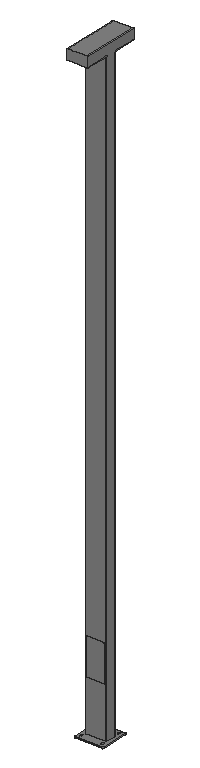
Revit family "Супремус В", category Осветительные приборы, Revit 2019 (continued)
Types (7, lengths in mm): name | Файл фотометрической сетки | built-in parameter 1150105 | Lumens | built-in parameter 1150106 | built-in parameter 1150142 | Wattage | L_общая рассеиватели | ADSK_Фактическая мощность | ADSK_Размер_Высота | ADSK_Номинальная мощность | ADSK_Наименование | ADSK_Масса_Текст | ADSK_Масса | ADSK_Артикул | 2
    0 0.0 0.0 0.0 0.0 0.0 0.0 0.0 0.0 0.0 0.0 0.0 0.0 0.0\r\n 0.0 0.0 0.0 0.0 0.0 0.0 0.0 0.0 0.0 0.0 0.0 0.0 0.0 0.0 0.0 0.0 0.0 0.0 0.0 0.0 0.0 0.0 0.0 0.0 0.0 0.0 0.0 0.0 0.0 0.0 0.0 0.0\r\n 0.0 0.0 0.0 0.0 0.0\r\n275.6 273.7 271.8 269.8 267.9 265.9 264.0 262.0 260.0 257.9 255.6 253.3 251.0 248.8 246.1 243.5 240.4 237.2 233.8 230.1 226.8\r\n 223.3 220.1 217.1 214.2 211.4 209.0 206.5 203.6 200.6 197.6 194.5 191.5 188.3 185.1 181.9 178.6 175.4 171.7 167.9 164.1 160.3\r\n 157.0 153.7 150.5 147.5 144.5 141.6 138.7 135.8 133.1 130.7 128.9 127.4 126.3 124.5 122.6 120.8 119.4 117.7 115.8 113.8 111.8\r\n 109.5 107.1 104.6 102.1 99.7 97.4 95.1 92.7 90.3 87.8 85.5 83.3 81.3 79.2 77.1 75.0 73.0 71.0 69.0 67.0 65.2 63.2 61.2 59.1 57.1\r\n 55.1 53.0 51.0 49.2 47.5 46.0 44.6 43.3 42.0 40.8 39.9 39.1 38.3 37.6 37.1 36.7 36.5 36.3 36.0 35.7 35.2 34.6 34.1 33.7 33.4 33.4\r\n 33.6 34.1 33.9 32.6 31.7 30.9 30.3 29.9 29.4 28.7 28.0 27.5 27.1 26.8 26.9 27.3 28.1 28.9 30.1 32.0 34.5 37.0 39.1 40.8 41.2 42.0\r\n 42.7 42.8 42.6 41.8 41.0 40.2 39.3 38.3 37.3 36.3 35.4 35.4 35.9 35.3 34.7 33.9 33.8 33.5 33.0 32.0 31.2 29.9 28.3 26.9 25.6 24.7\r\n 23.8 23.0 22.0 21.1 20.2 19.2 18.1 16.7 14.9 13.3 12.3 11.2 10.0 8.9 8.1 7.5 6.9 6.5 6.6 6.1 5.8 5.8 5.3 5.3 4.3 3.9 3.8 3.6 3.7\r\n 3.7 3.4 3.2 2.3 2.1 1.8 0.0 0.0 0.0 0.0 0.0 0.0 0.0 0.0 0.0 0.0 0.0 0.0 0.0 0.0 0.0 0.0 0.0 0.0 0.0 0.0 0.0 0.0 0.0 0.0 0.0 0.0\r\n 0.0 0.0 0.0 0.0 0.0 0.0 0.0 0.0 0.0 0.0 0.0 0.0 0.0 0.0 0.0 0.0 0.0 0.0 0.0 0.0 0.0 0.0 0.0 0.0 0.0 0.0 0.0 0.0 0.0 0.0 0.0 0.0\r\n 0.0 0.0 0.0 0.0 0.0 0.0 0.0 0.0 0.0 0.0 0.0 0.0 0.0 0.0 0.0 0.0 0.0 0.0 0.0 0.0 0.0 0.0 0.0 0.0 0.0 0.0 0.0 0.0 0.0 0.0 0.0 0.0\r\n 0.0 0.0 0.0 0.0 0.0 0.0 0.0 0.0 0.0 0.0 0.0 0.0 0.0 0.0 0.0 0.0 0.0 0.0 0.0 0.0 0.0 0.0 0.0 0.0 0.0 0.0 0.0 0.0 0.0 0.0 0.0 0.0\r\n 0.0 0.0 0.0 0.0 0.0 0.0 0.0 0.0 0.0 0.0 0.0 0.0 0.0 0.0 0.0 0.0 0.0 0.0 0.0 0.0 0.0 0.0 0.0 0.0 0.0 0.0 0.0 0.0 0.0 0.0 0.0 0.0\r\n 0.0 0.0 0.0 0.0 0.0 0.0\r\n275.6 274.0 272.1 270.3 268.4 266.6 264.6 262.9 261.0 259.1 257.1 254.9 252.7 250.4 248.0 245.7 243.1 240.2 237.2 234.1 230.9\r\n 227.5 224.1 221.0 218.1 215.2 212.5 210.1 207.6 205.1 202.5 199.5 196.8 194.1 191.3 188.5 185.6 182.6 179.7 176.8 173.7 170.4\r\n 167.1 163.7 160.4 157.2 154.4 151.6 149.0 146.4 143.9 141.5 139.1 136.7 134.5 132.4 130.5 129.1 127.6 126.3 125.0 123.7 122.2\r\n 120.7 119.1 117.3 115.4 113.4 111.3 109.2 107.0 104.7 102.5 100.4 98.3 96.1 93.9 91.6 89.3 87.0 84.8 82.6 80.5 78.5 76.6 74.8\r\n 73.0 71.3 69.4 67.4 65.5 63.7 61.8 60.1 58.4 56.6 54.7 53.1 51.6 50.4 49.3 48.3 47.3 46.3 45.5 45.1 44.6 44.0 43.7 43.2 42.7 42.4\r\n 41.9 41.5 41.0 40.5 40.5 40.8 41.1 40.8 40.2 39.6 38.9 38.4 38.0 37.7 37.4 37.1 36.7 36.3 36.0 35.9 36.1 36.5 37.0 37.5 38.7 40.3\r\n 41.7 42.9 43.7 45.3 47.0 48.8 49.4 49.4 49.3 48.6 47.4 46.0 44.8 43.9 42.8 41.3 40.0 38.5 37.7 37.3 36.5 35.8 34.9 33.8 32.3 30.4\r\n 28.6 26.8 25.2 23.6 22.1 20.8 19.6 18.4 17.2 16.0 14.3 12.4 11.0 9.8 8.5 7.3 6.5 6.0 5.5 5.1 4.9 4.9 4.8 4.7 4.4 4.0 3.5 3.3 3.2\r\n 3.2 3.0 2.9 2.7 2.1 2.0 1.7 1.5 0.0 0.0 0.0 0.0 0.0 0.0 0.0 0.0 0.0 0.0 0.0 0.0 0.0 0.0 0.0 0.0 0.0 0.0 0.0 0.0 0.0 0.0 0.0 0.0\r\n 0.0 0.0 0.0 0.0 0.0 0.0 0.0 0.0 0.0 0.0 0.0 0.0 0.0 0.0 0.0 0.0 0.0 0.0 0.0 0.0 0.0 0.0 0.0 0.0 0.0 0.0 0.0 0.0 0.0 0.0 0.0 0.0\r\n 0.0 0.0 0.0 0.0 0.0 0.0 0.0 0.0 0.0 0.0 0.0 0.0 0.0 0.0 0.0 0.0 0.0 0.0 0.0 0.0 0.0 0.0 0.0 0.0 0.0 0.0 0.0 0.0 0.0 0.0 0.0 0.0\r\n 0.0 0.0 0.0 0.0 0.0 0.0 0.0 0.0 0.0 0.0 0.0 0.0 0.0 0.0 0.0 0.0 0.0 0.0 0.0 0.0 0.0 0.0 0.0 0.0 0.0 0.0 0.0 0.0 0.0 0.0 0.0 0.0\r\n 0.0 0.0 0.0 0.0 0.0 0.0 0.0 0.0 0.0 0.0 0.0 0.0 0.0 0.0 0.0 0.0 0.0 0.0 0.0 0.0 0.0 0.0 0.0 0.0 0.0 0.0 0.0 0.0 0.0 0.0 0.0 0.0\r\n 0.0 0.0 0.0 0.0 0.0 0.0 0.0 0.0\r\n275.6 274.1 272.5 270.6 269.1 267.3 265.5 264.1 262.1 260.4 258.7 256.7 254.6 252.5 250.2 248.0 245.9 243.5 241.0 238.4 235.6\r\n 232.7 229.7 226.6 223.5 220.5 217.8 215.0 212.3 209.8 207.4 205.1 202.8 200.4 197.9 195.4 193.0 190.5 188.1 185.7 183.1 180.5\r\n 177.9 175.1 172.5 169.8 167.1 164.3 161.6 158.9 156.3 153.9 151.7 149.6 147.9 146.2 144.6 142.7 141.1 139.4 137.8 136.4 134.8\r\n 133.4 132.3 131.1 129.6 128.1 126.7 125.0 123.3 121.8 120.0 118.2 116.4 114.5 112.6 110.8 109.1 107.4 105.8 104.2 102.6 101.0\r\n 99.4 97.8 96.1 94.5 92.6 90.8 89.1 87.3 85.7 84.1 82.3 80.6 79.0 77.5 76.1 74.8 73.5 72.4 71.5 70.4 69.1 68.2 67.1 66.2 65.2 64.3\r\n 63.5 62.8 62.0 61.3 60.8 60.4 60.2 60.0 59.7 59.5 59.3 58.8 58.6 58.4 57.8 57.2 56.7 56.2 55.7 55.2 54.5 53.9 53.3 53.0 52.7 52.5\r\n 52.5 52.4 52.3 52.4 52.9 53.4 53.9 54.8 56.1 57.5 58.5 59.5 60.3 61.2 61.2 61.1 60.8 60.0 58.4 55.4 52.5 50.2 48.1 45.9 43.5 40.9\r\n 38.5 36.2 33.8 31.6 29.6 27.6 25.6 23.7 21.8 19.9 18.4 17.0 15.5 14.0 11.9 9.9 8.8 7.7 6.9 6.1 5.5 5.1 4.7 4.5 4.7 4.7 4.3 3.7\r\n 3.3 3.0 3.2 3.0 2.7 2.4 2.0 1.9 1.6 1.4 1.3 0.0 0.0 0.0 0.0 0.0 0.0 0.0 0.0 0.0 0.0 0.0 0.0 0.0 0.0 0.0 0.0 0.0 0.0 0.0 0.0 0.0\r\n 0.0 0.0 0.0 0.0 0.0 0.0 0.0 0.0 0.0 0.0 0.0 0.0 0.0 0.0 0.0 0.0 0.0 0.0 0.0 0.0 0.0 0.0 0.0 0.0 0.0 0.0 0.0 0.0 0.0 0.0 0.0 0.0\r\n 0.0 0.0 0.0 0.0 0.0 0.0 0.0 0.0 0.0 0.0 0.0 0.0 0.0 0.0 0.0 0.0 0.0 0.0 0.0 0.0 0.0 0.0 0.0 0.0 0.0 0.0 0.0 0.0 0.0 0.0 0.0 0.0\r\n 0.0 0.0 0.0 0.0 0.0 0.0 0.0 0.0 0.0 0.0 0.0 0.0 0.0 0.0 0.0 0.0 0.0 0.0 0.0 0.0 0.0 0.0 0.0 0.0 0.0 0.0 0.0 0.0 0.0 0.0 0.0 0.0\r\n 0.0 0.0 0.0 0.0 0.0 0.0 0.0 0.0 0.0 0.0 0.0 0.0 0.0 0.0 0.0 0.0 0.0 0.0 0.0 0.0 0.0 0.0 0.0 0.0 0.0 0.0 0.0 0.0 0.0 0.0 0.0 0.0\r\n 0.0 0.0 0.0 0.0 0.0 0.0 0.0 0.0 0.0 0.0 0.0\r\n275.6 274.2 272.7 271.1 269.7 268.1 266.5 264.9 263.4 261.7 260.1 258.5 256.5 254.6 252.6 250.5 248.5 246.5 244.4 242.2 239.9\r\n 237.4 234.9 232.2 229.4 226.6 223.8 221.1 218.4 215.8 213.2 210.8 208.5 206.2 204.1 201.9 199.9 197.7 195.3 193.2 191.2 188.9\r\n 187.1 185.2 183.2 181.2 179.1 177.0 174.9 173.0 171.0 169.2 167.5 165.7 164.0 162.3 160.8 159.3 157.9 156.6 155.2 154.2 153.1\r\n 151.8 150.5 149.3 148.0 146.6 145.1 143.4 141.6 139.9 138.2 136.8 135.5 134.4 133.3 132.3 131.3 130.1 129.0 127.8 126.6 125.2\r\n 123.8 122.4 121.0 119.6 118.2 116.8 115.6 114.6 113.1 111.9 110.5 109.6 108.3 107.1 106.2 105.5 104.5 103.3 102.3 101.4 100.4\r\n 99.3 98.1 97.1 95.9 94.8 93.8 92.9 92.0 91.4 90.7 90.2 89.6 89.1 88.5 88.0 87.8 87.5 87.4 87.5 87.2 86.8 86.9 86.5 85.9 85.5 85.1\r\n 84.8 84.5 84.2 83.8 83.3 82.6 82.2 81.9 81.3 80.9 80.7 80.1 79.8 79.5 79.2 78.0 76.8 75.6 74.2 72.3 69.7 67.1 63.8 60.6 55.9 50.9\r\n 46.6 42.4 38.5 35.5 33.1 30.8 29.0 27.5 26.3 25.4 24.4 23.6 22.7 21.6 20.7 20.0 19.0 18.1 16.9 15.5 13.4 11.1 9.5 7.9 6.8 6.0 5.3\r\n 4.7 4.2 3.8 3.4 3.4 3.2 3.3 2.9 2.8 2.6 2.3 2.0 1.7 1.5 1.4 1.2 1.2 0.0 0.0 0.0 0.0 0.0 0.0 0.0 0.0 0.0 0.0 0.0 0.0 0.0 0.0 0.0\r\n 0.0 0.0 0.0 0.0 0.0 0.0 0.0 0.0 0.0 0.0 0.0 0.0 0.0 0.0 0.0 0.0 0.0 0.0 0.0 0.0 0.0 0.0 0.0 0.0 0.0 0.0 0.0 0.0 0.0 0.0 0.0 0.0\r\n 0.0 0.0 0.0 0.0 0.0 0.0 0.0 0.0 0.0 0.0 0.0 0.0 0.0 0.0 0.0 0.0 0.0 0.0 0.0 0.0 0.0 0.0 0.0 0.0 0.0 0.0 0.0 0.0 0.0 0.0 0.0 0.0\r\n 0.0 0.0 0.0 0.0 0.0 0.0 0.0 0.0 0.0 0.0 0.0 0.0 0.0 0.0 0.0 0.0 0.0 0.0 0.0 0.0 0.0 0.0 0.0 0.0 0.0 0.0 0.0 0.0 0.0 0.0 0.0 0.0\r\n 0.0 0.0 0.0 0.0 0.0 0.0 0.0 0.0 0.0 0.0 0.0 0.0 0.0 0.0 0.0 0.0 0.0 0.0 0.0 0.0 0.0 0.0 0.0 0.0 0.0 0.0 0.0 0.0 0.0 0.0 0.0 0.0\r\n 0.0 0.0 0.0 0.0 0.0 0.0 0.0 0.0 0.0 0.0 0.0 0.0 0.0 0.0 0.0 0.0 0.0\r\n275.6 274.5 273.1 271.8 270.3 269.0 267.6 266.3 264.7 263.4 261.8 260.1 258.7 257.0 255.2 253.4 251.8 249.9 247.9 246.0 244.1\r\n 242.0 239.9 237.7 235.5 233.3 231.0 228.6 226.3 223.8 221.5 219.0 216.5 214.2 211.9 209.7 207.4 205.3 203.3 201.5 199.8 198.0\r\n 196.3 194.6 193.1 191.7 190.5 189.2 188.1 187.1 186.2 185.1 183.9 182.8 181.7 180.7 179.6 178.5 177.6 176.7 175.9 174.8 174.0\r\n 173.1 172.0 170.9 169.5 168.4 166.8 165.4 164.0 162.6 161.5 160.4 159.5 158.7 157.8 156.9 156.0 155.1 154.3 153.4 152.4 151.3\r\n 150.2 149.3 148.4 147.6 146.9 146.7 145.9 145.0 144.3 143.6 142.5 141.6 141.4 140.7 139.8 138.8 137.9 137.0 135.8 134.8 133.9\r\n 133.0 132.1 131.3 130.5 129.8 129.1 128.4 127.9 127.5 127.1 126.7 126.6 126.4 126.3 126.0 125.8 125.5 125.1 125.0 124.8 124.1\r\n 123.4 122.7 122.2 121.7 121.3 121.1 120.6 120.0 119.3 118.6 118.0 117.0 115.8 114.3 112.6 110.5 107.9 104.6 100.9 97.1 93.2 89.6\r\n 85.0 79.4 74.0 69.0 63.4 56.9 50.6 45.2 40.6 37.4 35.3 33.5 32.1 30.9 30.1 29.4 28.7 27.9 26.9 25.6 24.1 22.6 20.9 19.1 17.5 16.1\r\n 14.7 13.3 11.7 10.4 9.3 7.9 6.4 5.5 4.9 4.3 3.8 3.4 3.0 2.6 2.3 2.3 2.3 2.3 2.3 2.0 1.7 1.4 1.4 1.3 1.3 1.2 1.2 0.0 0.0 0.0 0.0\r\n 0.0 0.0 0.0 0.0 0.0 0.0 0.0 0.0 0.0 0.0 0.0 0.0 0.0 0.0 0.0 0.0 0.0 0.0 0.0 0.0 0.0 0.0 0.0 0.0 0.0 0.0 0.0 0.0 0.0 0.0 0.0 0.0\r\n 0.0 0.0 0.0 0.0 0.0 0.0 0.0 0.0 0.0 0.0 0.0 0.0 0.0 0.0 0.0 0.0 0.0 0.0 0.0 0.0 0.0 0.0 0.0 0.0 0.0 0.0 0.0 0.0 0.0 0.0 0.0 0.0\r\n 0.0 0.0 0.0 0.0 0.0 0.0 0.0 0.0 0.0 0.0 0.0 0.0 0.0 0.0 0.0 0.0 0.0 0.0 0.0 0.0 0.0 0.0 0.0 0.0 0.0 0.0 0.0 0.0 0.0 0.0 0.0 0.0\r\n 0.0 0.0 0.0 0.0 0.0 0.0 0.0 0.0 0.0 0.0 0.0 0.0 0.0 0.0 0.0 0.0 0.0 0.0 0.0 0.0 0.0 0.0 0.0 0.0 0.0 0.0 0.0 0.0 0.0 0.0 0.0 0.0\r\n 0.0 0.0 0.0 0.0 0.0 0.0 0.0 0.0 0.0 0.0 0.0 0.0 0.0 0.0 0.0 0.0 0.0 0.0 0.0 0.0 0.0 0.0 0.0 0.0 0.0 0.0 0.0 0.0\r\n275.6 274.6 273.5 272.3 271.1 269.8 268.7 267.3 266.1 264.8 263.5 261.9 260.6 259.2 257.7 256.3 254.8 253.2 251.7 250.0 248.2\r\n 246.4 244.5 242.6 240.7 238.9 237.2 235.3 233.4 231.6 229.6 227.4 225.3 223.1 221.1 219.3 217.2 215.3 213.5 211.6 210.0 208.4\r\n 206.9 205.7 204.4 203.3 202.3 201.3 200.4 199.6 199.1 198.7 198.2 197.7 197.3 196.7 196.4 195.9 195.6 195.3 195.2 194.9 194.3\r\n 193.7 193.2 192.6 191.7 191.0 190.3 189.5 188.8 188.1 187.4 186.9 186.2 185.8 185.2 184.6 184.1 183.4 182.9 182.4 182.0 181.5\r\n 181.2 180.9 180.7 180.8 180.8 180.1 179.4 179.1 178.7 178.4 178.5 178.4 177.6 176.8 176.2 175.4 174.3 173.3 172.4 171.8 171.2\r\n 170.6 170.1 169.6 169.3 169.0 168.7 168.4 168.1 167.9 167.8 167.6 167.5 167.5 167.4 167.2 167.0 166.6 166.2 165.8 165.4 164.8\r\n 164.4 164.2 164.0 163.6 163.1 162.4 161.6 160.3 159.0 157.3 155.4 153.1 150.1 146.5 142.0 137.0 132.0 126.4 119.6 112.2 104.8\r\n 97.6 90.1 83.2 76.7 71.3 66.4 63.0 59.7 57.8 56.7 55.2 53.5 51.5 48.9 46.0 42.6 39.0 35.1 31.3 27.8 24.6 21.8 19.0 16.6 14.5 12.7\r\n 11.2 9.8 8.6 7.5 6.6 5.9 5.3 4.5 3.7 3.3 3.1 2.9 2.6 2.3 2.1 2.0 1.9 1.7 1.5 1.4 1.3 1.2 1.1 1.1 1.1 1.2 1.2 1.2 0.0 0.0 0.0 0.0\r\n 0.0 0.0 0.0 0.0 0.0 0.0 0.0 0.0 0.0 0.0 0.0 0.0 0.0 0.0 0.0 0.0 0.0 0.0 0.0 0.0 0.0 0.0 0.0 0.0 0.0 0.0 0.0 0.0 0.0 0.0 0.0 0.0\r\n 0.0 0.0 0.0 0.0 0.0 0.0 0.0 0.0 0.0 0.0 0.0 0.0 0.0 0.0 0.0 0.0 0.0 0.0 0.0 0.0 0.0 0.0 0.0 0.0 0.0 0.0 0.0 0.0 0.0 0.0 0.0 0.0\r\n 0.0 0.0 0.0 0.0 0.0 0.0 0.0 0.0 0.0 0.0 0.0 0.0 0.0 0.0 0.0 0.0 0.0 0.0 0.0 0.0 0.0 0.0 0.0 0.0 0.0 0.0 0.0 0.0 0.0 0.0 0.0 0.0\r\n 0.0 0.0 0.0 0.0 0.0 0.0 0.0 0.0 0.0 0.0 0.0 0.0 0.0 0.0 0.0 0.0 0.0 0.0 0.0 0.0 0.0 0.0 0.0 0.0 0.0 0.0 0.0 0.0 0.0 0.0 0.0 0.0\r\n 0.0 0.0 0.0 0.0 0.0 0.0 0.0 0.0 0.0 0.0 0.0 0.0 0.0 0.0 0.0 0.0 0.0 0.0 0.0 0.0 0.0 0.0 0.0 0.0 0.0 0.0 0.0 0.0\r\n275.6 274.9 273.9 272.9 272.0 270.8 269.8 268.8 267.7 266.6 265.4 264.1 262.9 261.6 260.3 259.1 257.8 256.6 255.2 253.9 252.5\r\n 251.0 249.6 247.9 246.4 244.8 243.2 241.7 240.0 238.2 236.9 235.3 233.9 232.6 231.1 229.8 228.3 227.1 225.6 224.3 223.0 222.0\r\n 220.7 219.7 218.6 217.8 216.9 216.0 215.4 214.7 214.0 213.5 213.1 212.6 212.3 211.7 211.4 211.3 211.2 211.1 211.0 210.8 210.8\r\n 210.8 210.7 210.7 210.6 210.8 210.8 210.8 210.9 211.1 211.3 211.4 211.5 211.5 211.5 211.4 211.4 211.5 211.7 211.9 211.9 212.1\r\n 212.3 212.6 213.2 213.5 213.4 213.3 213.4 213.4 213.8 214.1 213.9 213.2 212.9 212.5 211.9 211.5 211.3 211.1 211.0 210.9 210.9\r\n 210.9 210.8 210.8 210.8 210.8 210.9 211.0 211.0 211.1 211.3 211.7 212.3 212.9 213.3 213.6 214.1 214.4 214.6 214.7 214.8 214.7\r\n 214.4 214.2 213.8 213.2 211.9 210.0 207.8 204.8 201.7 198.5 194.3 189.5 184.1 178.3 172.2 165.8 157.9 150.2 142.1 134.7 127.3\r\n 119.8 112.4 106.8 103.0 100.5 98.7 97.7 96.6 94.1 89.8 83.3 75.8 67.4 59.0 50.9 42.7 35.4 29.7 25.2 21.8 18.9 16.4 14.1 12.1 10.4\r\n 9.0 8.0 7.0 6.3 5.6 4.9 4.2 3.7 3.4 3.2 3.1 3.0 2.6 2.3 2.1 2.0 1.8 1.6 1.4 1.2 1.1 1.1 1.1 1.1 1.1 1.1 1.2 1.2 1.2 0.0 0.0 0.0\r\n 0.0 0.0 0.0 0.0 0.0 0.0 0.0 0.0 0.0 0.0 0.0 0.0 0.0 0.0 0.0 0.0 0.0 0.0 0.0 0.0 0.0 0.0 0.0 0.0 0.0 0.0 0.0 0.0 0.0 0.0 0.0 0.0\r\n 0.0 0.0 0.0 0.0 0.0 0.0 0.0 0.0 0.0 0.0 0.0 0.0 0.0 0.0 0.0 0.0 0.0 0.0 0.0 0.0 0.0 0.0 0.0 0.0 0.0 0.0 0.0 0.0 0.0 0.0 0.0 0.0\r\n 0.0 0.0 0.0 0.0 0.0 0.0 0.0 0.0 0.0 0.0 0.0 0.0 0.0 0.0 0.0 0.0 0.0 0.0 0.0 0.0 0.0 0.0 0.0 0.0 0.0 0.0 0.0 0.0 0.0 0.0 0.0 0.0\r\n 0.0 0.0 0.0 0.0 0.0 0.0 0.0 0.0 0.0 0.0 0.0 0.0 0.0 0.0 0.0 0.0 0.0 0.0 0.0 0.0 0.0 0.0 0.0 0.0 0.0 0.0 0.0 0.0 0.0 0.0 0.0 0.0\r\n 0.0 0.0 0.0 0.0 0.0 0.0 0.0 0.0 0.0 0.0 0.0 0.0 0.0 0.0 0.0 0.0 0.0 0.0 0.0 0.0 0.0 0.0 0.0 0.0 0.0 0.0 0.0 0.0 0.0\r\n275.6 275.1 274.4 273.6 272.7 271.8 271.0 270.0 269.2 268.1 267.0 266.1 265.0 264.0 262.9 261.9 260.7 259.6 258.5 257.4 256.1\r\n 254.9 253.8 252.4 251.3 250.1 248.9 247.6 246.5 245.2 244.0 242.8 241.9 240.9 239.9 239.2 238.2 237.3 236.6 235.9 235.3 234.8\r\n 234.4 233.9 233.5 233.1 232.9 232.5 231.9 231.4 231.1 230.6 230.3 229.9 229.6 229.4 229.3 228.9 228.8 228.6 228.4 228.4 228.5\r\n 228.6 228.7 229.1 229.5 229.9 230.2 230.7 231.0 231.6 232.2 232.7 233.1 233.6 234.2 234.7 235.3 235.9 236.4 237.0 237.6 238.4\r\n 239.4 240.8 241.7 242.1 242.5 243.2 244.1 245.1 245.5 245.4 245.4 245.5 245.4 245.5 245.8 245.9 246.1 246.5 246.8 247.3 247.7\r\n 248.0 248.5 249.0 249.3 249.7 249.8 250.3 251.0 251.9 252.8 253.8 254.7 255.6 256.4 256.7 256.9 256.7 256.4 256.1 256.1 256.0\r\n 255.6 254.6 252.8 250.7 248.2 244.7 240.1 235.1 230.0 225.0 220.1 215.3 210.0 204.1 198.6 192.8 186.7 180.9 175.4 169.7 164.5\r\n 160.1 156.9 155.3 154.2 151.0 146.1 139.0 128.6 115.3 100.4 85.0 70.6 60.0 49.4 38.7 32.0 27.0 22.7 18.9 15.7 13.2 11.2 9.7 8.5\r\n 7.6 6.8 6.0 5.4 4.7 4.2 3.6 3.2 3.0 2.9 2.8 2.6 2.5 2.4 2.2 1.8 1.6 1.4 1.2 1.1 1.0 1.0 1.0 1.0 1.0 1.1 1.1 1.1 1.2 1.2 0.0 0.0\r\n 0.0 0.0 0.0 0.0 0.0 0.0 0.0 0.0 0.0 0.0 0.0 0.0 0.0 0.0 0.0 0.0 0.0 0.0 0.0 0.0 0.0 0.0 0.0 0.0 0.0 0.0 0.0 0.0 0.0 0.0 0.0 0.0\r\n 0.0 0.0 0.0 0.0 0.0 0.0 0.0 0.0 0.0 0.0 0.0 0.0 0.0 0.0 0.0 0.0 0.0 0.0 0.0 0.0 0.0 0.0 0.0 0.0 0.0 0.0 0.0 0.0 0.0 0.0 0.0 0.0\r\n 0.0 0.0 0.0 0.0 0.0 0.0 0.0 0.0 0.0 0.0 0.0 0.0 0.0 0.0 0.0 0.0 0.0 0.0 0.0 0.0 0.0 0.0 0.0 0.0 0.0 0.0 0.0 0.0 0.0 0.0 0.0 0.0\r\n 0.0 0.0 0.0 0.0 0.0 0.0 0.0 0.0 0.0 0.0 0.0 0.0 0.0 0.0 0.0 0.0 0.0 0.0 0.0 0.0 0.0 0.0 0.0 0.0 0.0 0.0 0.0 0.0 0.0 0.0 0.0 0.0\r\n 0.0 0.0 0.0 0.0 0.0 0.0 0.0 0.0 0.0 0.0 0.0 0.0 0.0 0.0 0.0 0.0 0.0 0.0 0.0 0.0 0.0 0.0 0.0 0.0 0.0 0.0 0.0 0.0 0.0 0.0\r\n275.6 275.2 274.7 274.0 273.6 272.9 272.1 271.5 270.5 269.8 269.0 268.1 267.3 266.4 265.5 264.6 263.9 262.9 261.9 260.8 259.8\r\n 258.7 257.7 256.8 255.7 254.7 253.9 252.9 252.1 251.1 250.4 249.9 249.3 248.6 248.3 247.7 247.1 246.8 246.5 246.5 246.4 246.4\r\n 246.5 246.4 246.3 246.3 246.5 246.4 246.5 246.5 246.5 246.6 246.7 246.8 247.0 247.1 247.1 247.4 247.4 247.5 247.8 248.1 248.3\r\n 248.5 249.0 249.6 250.1 250.6 251.1 251.8 252.3 252.9 253.4 254.0 254.5 255.1 255.8 256.6 257.5 258.5 259.2 260.2 261.2 262.3\r\n 263.9 265.3 266.2 267.0 268.1 269.6 270.6 271.2 271.4 271.5 271.8 272.0 272.3 272.5 273.3 274.0 274.5 275.0 275.6 276.3 276.7\r\n 277.1 277.9 278.8 279.5 280.4 281.8 283.0 284.6 286.3 287.6 289.1 290.4 291.3 291.9 291.9 291.5 291.2 290.7 290.2 289.9 289.3\r\n 288.0 285.8 283.5 280.5 276.5 272.0 267.1 262.2 257.7 253.3 249.0 244.7 240.4 236.4 232.4 227.6 223.2 219.0 215.4 211.7 207.3\r\n 203.7 200.0 195.1 188.1 178.8 166.6 151.4 132.7 113.9 95.4 80.5 67.6 54.9 43.4 33.3 26.0 20.5 16.7 13.8 11.8 10.1 8.9 7.9 7.1 6.4\r\n 5.9 5.4 5.0 4.4 3.8 3.3 3.0 2.8 2.7 2.6 2.6 2.6 2.6 2.1 1.7 1.5 1.3 1.1 1.1 1.0 1.0 1.0 1.0 1.0 1.1 1.1 1.1 1.2 1.2 0.0 0.0 0.0\r\n 0.0 0.0 0.0 0.0 0.0 0.0 0.0 0.0 0.0 0.0 0.0 0.0 0.0 0.0 0.0 0.0 0.0 0.0 0.0 0.0 0.0 0.0 0.0 0.0 0.0 0.0 0.0 0.0 0.0 0.0 0.0 0.0\r\n 0.0 0.0 0.0 0.0 0.0 0.0 0.0 0.0 0.0 0.0 0.0 0.0 0.0 0.0 0.0 0.0 0.0 0.0 0.0 0.0 0.0 0.0 0.0 0.0 0.0 0.0 0.0 0.0 0.0 0.0 0.0 0.0\r\n 0.0 0.0 0.0 0.0 0.0 0.0 0.0 0.0 0.0 0.0 0.0 0.0 0.0 0.0 0.0 0.0 0.0 0.0 0.0 0.0 0.0 0.0 0.0 0.0 0.0 0.0 0.0 0.0 0.0 0.0 0.0 0.0\r\n 0.0 0.0 0.0 0.0 0.0 0.0 0.0 0.0 0.0 0.0 0.0 0.0 0.0 0.0 0.0 0.0 0.0 0.0 0.0 0.0 0.0 0.0 0.0 0.0 0.0 0.0 0.0 0.0 0.0 0.0 0.0 0.0\r\n 0.0 0.0 0.0
     0.0 0.0 0.0 0.0 0.0 0.0 0.0 0.0 0.0 0.0 0.0 0.0 0.0 0.0 0.0 0.0 0.0 0.0 0.0 0.0 0.0 0.0 0.0 0.0 0.0 0.0\r\n275.6 275.4 275.1 274.8 274.3 273.9 273.4 272.8 272.2 271.6 271.0 270.2 269.6 268.9 268.3 267.4 266.8 266.0 265.2 264.3 263.6\r\n 262.5 261.6 260.8 260.1 259.4 258.7 257.9 257.5 256.9 256.4 256.1 255.6 255.4 255.2 255.0 254.8 254.8 255.1 255.4 255.5 255.6\r\n 255.9 256.3 256.7 257.0 257.3 257.7 258.1 258.5 259.1 259.6 260.2 260.6 261.3 261.8 262.3 262.9 263.8 264.5 265.2 266.2 267.0\r\n 267.8 268.9 269.7 270.6 271.5 272.4 273.5 274.4 275.4 276.5 277.3 278.4 279.3 280.2 281.2 282.0 283.2 284.3 285.5 287.0 288.7\r\n 290.5 291.5 292.5 293.7 295.1 296.5 297.0 297.2 297.6 298.1 298.4 298.7 299.1 299.6 300.3 300.8 301.5 302.4 303.4 304.4 305.4\r\n 306.6 308.2 309.8 311.5 313.4 315.4 317.1 319.1 320.9 322.0 323.0 323.8 323.9 323.6 323.1 322.1 321.3 320.3 319.5 318.7 317.1\r\n 314.7 311.8 308.0 304.1 300.1 295.5 290.8 285.9 281.1 276.6 272.5 268.3 263.8 259.4 255.0 251.1 247.7 244.5 240.8 236.0 231.1\r\n 225.1 217.4 207.1 195.4 181.5 164.8 146.3 126.2 105.9 88.8 73.9 60.6 47.4 34.1 25.5 19.7 15.8 13.0 11.5 10.2 9.2 8.5 7.8 7.0 6.3\r\n 5.7 5.1 4.5 4.1 3.5 3.0 2.7 2.5 2.4 2.3 2.2 2.1 1.9 1.8 1.7 1.5 1.3 1.2 1.1 1.0 0.9 0.9 0.9 1.0 1.0 1.0 1.0 1.1 1.1 0.0 0.0 0.0\r\n 0.0 0.0 0.0 0.0 0.0 0.0 0.0 0.0 0.0 0.0 0.0 0.0 0.0 0.0 0.0 0.0 0.0 0.0 0.0 0.0 0.0 0.0 0.0 0.0 0.0 0.0 0.0 0.0 0.0 0.0 0.0 0.0\r\n 0.0 0.0 0.0 0.0 0.0 0.0 0.0 0.0 0.0 0.0 0.0 0.0 0.0 0.0 0.0 0.0 0.0 0.0 0.0 0.0 0.0 0.0 0.0 0.0 0.0 0.0 0.0 0.0 0.0 0.0 0.0 0.0\r\n 0.0 0.0 0.0 0.0 0.0 0.0 0.0 0.0 0.0 0.0 0.0 0.0 0.0 0.0 0.0 0.0 0.0 0.0 0.0 0.0 0.0 0.0 0.0 0.0 0.0 0.0 0.0 0.0 0.0 0.0 0.0 0.0\r\n 0.0 0.0 0.0 0.0 0.0 0.0 0.0 0.0 0.0 0.0 0.0 0.0 0.0 0.0 0.0 0.0 0.0 0.0 0.0 0.0 0.0 0.0 0.0 0.0 0.0 0.0 0.0 0.0 0.0 0.0 0.0 0.0\r\n 0.0 0.0 0.0 0.0 0.0 0.0 0.0 0.0 0.0 0.0 0.0 0.0 0.0 0.0 0.0 0.0 0.0 0.0 0.0 0.0 0.0 0.0 0.0 0.0 0.0 0.0 0.0 0.0 0.0\r\n275.6 275.6 275.4 275.4 275.1 275.0 274.6 274.5 274.0 273.6 273.1 272.6 272.1 271.6 271.2 270.5 269.9 269.3 268.8 268.0 267.4\r\n 266.9 266.3 265.6 265.0 264.5 264.1 263.6 263.2 263.0 262.7 262.5 262.4 262.4 262.3 262.4 262.5 262.8 263.1 263.2 263.6 264.1\r\n 264.6 265.1 265.7 266.3 266.8 267.5 268.0 268.6 269.3 270.0 270.6 271.4 272.2 272.9 274.0 274.8 275.8 276.8 277.9 279.0 280.1\r\n 281.1 282.3 283.5 284.7 286.1 287.2 288.5 289.8 291.2 292.5 294.0 295.6 296.9 298.3 299.9 301.1 302.3 303.8 305.3 307.0 309.2\r\n 310.7 312.1 313.4 315.4 317.5 318.3 318.9 319.8 320.8 321.9 322.8 323.7 324.9 326.2 327.1 328.4 329.9 331.5 333.0 334.7 336.5\r\n 338.5 340.6 342.9 345.1 347.3 349.5 351.3 352.7 353.8 354.6 355.1 355.0 354.6 353.9 353.3 352.9 352.1 350.9 350.0 348.7 346.8\r\n 343.7 340.1 336.0 332.0 328.1 323.5 318.6 314.1 309.6 304.7 300.3 295.5 290.9 286.8 283.6 281.0 278.4 276.0 271.5 265.0 257.4\r\n 247.6 235.1 220.3 205.5 189.6 171.6 151.8 130.1 108.8 90.3 73.3 59.4 45.5 31.5 24.0 18.8 15.4 13.3 11.9 10.7 9.6 8.8 7.9 7.1 6.4\r\n 5.7 5.1 4.4 3.8 3.2 2.6 2.3 2.0 2.0 2.0 2.0 2.0 1.8 1.8 1.6 1.5 1.3 1.1 1.1 1.0 0.9 0.9 0.9 0.9 0.9 0.9 1.0 1.0 1.0 0.0 0.0 0.0\r\n 0.0 0.0 0.0 0.0 0.0 0.0 0.0 0.0 0.0 0.0 0.0 0.0 0.0 0.0 0.0 0.0 0.0 0.0 0.0 0.0 0.0 0.0 0.0 0.0 0.0 0.0 0.0 0.0 0.0 0.0 0.0 0.0\r\n 0.0 0.0 0.0 0.0 0.0 0.0 0.0 0.0 0.0 0.0 0.0 0.0 0.0 0.0 0.0 0.0 0.0 0.0 0.0 0.0 0.0 0.0 0.0 0.0 0.0 0.0 0.0 0.0 0.0 0.0 0.0 0.0\r\n 0.0 0.0 0.0 0.0 0.0 0.0 0.0 0.0 0.0 0.0 0.0 0.0 0.0 0.0 0.0 0.0 0.0 0.0 0.0 0.0 0.0 0.0 0.0 0.0 0.0 0.0 0.0 0.0 0.0 0.0 0.0 0.0\r\n 0.0 0.0 0.0 0.0 0.0 0.0 0.0 0.0 0.0 0.0 0.0 0.0 0.0 0.0 0.0 0.0 0.0 0.0 0.0 0.0 0.0 0.0 0.0 0.0 0.0 0.0 0.0 0.0 0.0 0.0 0.0 0.0\r\n 0.0 0.0 0.0 0.0 0.0 0.0 0.0 0.0 0.0 0.0 0.0 0.0 0.0 0.0 0.0 0.0 0.0 0.0 0.0 0.0 0.0 0.0 0.0 0.0 0.0 0.0 0.0 0.0 0.0\r\n" | 44.4319 W | 326 | 59.7 W | 6000 | 60 W | "ДТУ121с9 Светодиодный светильник Супремус-B ДТУ-121-AF-ДТУП1212(60Вт)-6.0" | "120" | 120 | "ДТУ121с9" | no
